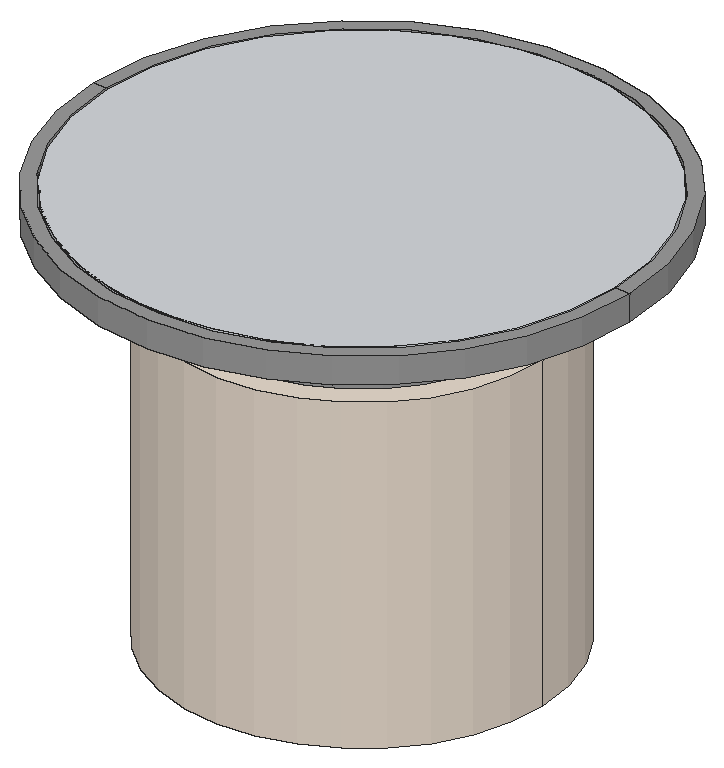
Revit family "Cleanout_Floor_Adjustable-Zurn-CO2450", category Plumbing Fixtures, Revit 2022
Family settings
  Round Connector Dimension = Use Radius
  Part Type = Normal
  OmniClass Number = 23.70.50.21.24.14
  OmniClass Title = Deck Waste Water Drains
  Work Plane-Based = No
  Always vertical = Yes
  Cut with Voids When Loaded = No
  Maintain Annotation Orientation = No
  Shared = No
  Room Calculation Point = No
Parameters (values of type "CO-2450-AB3")
  Waste Connection = 1 = 1  # yes
  WFU = 1  # constant formula
  Vent Connection = 1 = 0  # no
  URL = "www.zurn.com"
  Type Comments = ""
  Top Material [instance] = Bronze - Zurn - Polished Nickel
  Product data url = "https://www.bimobject.com/en-us/zurnindustries/product/zurn-co2450"
  Product Page URL = "https://www.zurn.com/products/drainage-interceptors/cleanouts/cleanouts/co2450"
  Product Documentation Link = "https://www.bimobject.com/en-us/zurnindustries/product/zurn-co2450"
  Pipe Size_A Outer Diameter = 3.500"
  Pipe Size_A Nominal Diameter = 3.000"
  Pipe Size_A Inside Diameter = 3.068"
  Modified Date = "03/13/2025"  # constant formula
  Model = "CO2450"
  Manufacurer Brand = "Zurn"  # constant formula
  Manufacturer = "Zurn Water, LLC"  # constant formula
  Main Material = Acrylonitrile Butadiene Styrene - Zurn - Polished
  HWFU = 0  # constant formula
  HW Connection = 1 = 0  # no
  Frame Adjustment Height [instance] = if([Enter Value-Frame Adjustment Height] < 0.875", 0.875", if([Enter Value-Frame Adjustment Height] > 1.750", 1.750", [Enter Value-Frame Adjustment Height]))  # 0.875"
  Enter Value-Frame Adjustment Height [instance] = 0.000"
  Description = "ADJUSTABLE FLOOR CLEANOUT"  # constant formula
  Default Elevation = 20.000"  # constant formula
  Date Created = "06/27/2025"  # constant formula
  Connector Radius = Pipe Size_A Nominal Diameter / 2  # 1.500"
  CWFU = 0  # constant formula
  CW Connection = 1 = 0  # no
  Body Height_E = 0.000"
  B Dimension = 3.000"
  Assembly Code = "D2030100"
Types (7): name | Pipe Size_A Outer Diameter | Pipe Size_A Nominal Diameter | Pipe Size_A Inside Diameter | Main Material | Connector Radius | B Dimension
  (no name) | 3.500" | 3.000" | 3.068" | Acrylonitrile Butadiene Styrene - Zurn - Polished | 1.500" | 3.000"
  CO-2450-PV2 | 2.375" | 2.000" | 2.067" | Polyvinyl Chloride - Zurn - Polished | 1.000" | 1.750"
  CO-2450-PV3 | 3.500" | 3.000" | 3.068" | Polyvinyl Chloride - Zurn - Polished | 1.500" | 3.000"
  CO-2450-PV4 | 4.500" | 4.000" | 4.026" | Polyvinyl Chloride - Zurn - Polished | 2.000" | 3.438"
  CO-2450-AB2 | 2.375" | 2.000" | 2.067" | Acrylonitrile Butadiene Styrene - Zurn - Polished | 1.000" | 1.750"
  CO-2450-AB3 | 3.500" | 3.000" | 3.068" | Acrylonitrile Butadiene Styrene - Zurn - Polished | 1.500" | 3.000"
  CO-2450-AB4 | 4.500" | 4.000" | 4.026" | Acrylonitrile Butadiene Styrene - Zurn - Polished | 2.000" | 3.438"
Reference planes (in)
  plane 1 "Center (Front/Back)": y = 0
  plane 2: z = 0
  plane 3 "Center (Left/Right)": x = 0
  plane 4: x = 2.59375
  plane 5: z = -0.875
  plane 6 "001": z = -3.875
  plane 7: x = 1.5
  plane 8: x = -1.5
  plane 9: x = -1.75
  plane 10: x = 1.75
  plane 11: x = -2
  plane 12: x = 2
  plane 13: x = 1.534
  plane 14: x = -1.534
  plane 15: z = -0.125
  plane 16: y = -1.5
  plane 17: y = 1.5
Forms (in)
  Revolve 1, solid, material "Bronze - Zurn - Polished Nickel" <- "Top Material", detail levels fine
    sketch origin (0, 0, 0) x (1, 0, 0) y (0, 0, 1)
      loop
        line (2.59375, 0) -> (2.46875, 0) -> (2.46875, -0.125) -> (1.75, -0.125) -> (1.409, -0.33724) -> (1.409, -2) -> (1.534, -2) -> (1.534, -0.37662) -> (1.75, -0.25) -> (2.59375, -0.25) -> (2.59375, 0)
      axis (0, 0) -> (0, -2)
    angle from 0 to 360
  Revolve 2, solid, material "Acrylonitrile Butadiene Styrene - Zurn - Polished" <- "Main Material", detail levels fine
    sketch origin (0, 0, 0) x (1, 0, 0) y (0, 0, 1)
      loop
        line (1.534, -0.875) -> (1.534, -3.875) -> (1.75, -3.875) -> (1.75, -0.875) -> (1.534, -0.875)
      axis (0, -0.875) -> (0, -3.875)
    angle from 0 to 360
  Extrusion 3, solid, detail levels fine
    sketch origin (0, 0, 0) x (1, 0, 0) y (0, 1, 0)
      loop
        circle (0, 0) r 2.45
    from 0 to -0.125
Lines and regions (in)
  Masking region 1, detail levels fine
    outline origin (0, 0, 0) x (1, 0, 0) y (0, 1, 0)
      loop
        circle (0, 0) r 2.59375
  model lines, detail levels coarse+medium
    curve 1: arc (2.59375, 0, 0) -> (0, 2.59375, 0) -> (-2.59375, 0, 0) r 2.59375
    curve 2: arc (-2.59375, 0, 0) -> (0, -2.59375, 0) -> (2.59375, 0, 0) r 2.59375
    curve 3: arc (-2.45, 0, 0) -> (0, -2.45, 0) -> (2.45, 0, 0) r 2.45
    curve 4: arc (2.45, 0, 0) -> (0, 2.45, 0) -> (-2.45, 0, 0) r 2.45
    curve 5: line (0, 0, 0) -> (0, 0, -3.875)
    curve 6: line (0, 1.5, -3.875) -> (0, -1.5, -3.875)
    curve 7: line (-1.5, 0, -3.875) -> (1.5, 0, -3.875)
Dimensions and locks (in)
  plane 3 "Center (Left/Right)" to plane 4 = 2.59375"
  "Frame Adjustment Height": level to plane 5
  "B Dimension": plane 5 to plane 6 "001"
  locked: Revolve 1 sketch curve to Revolve 1 sketch curve at 0.125  (x2)
  locked: level to Revolve 1 sketch curve at 0.25
  locked: level to plane 15 at 0.125
  locked: level to Revolve 1 sketch curve at 2
  equal spacing: plane 16, plane 1 "Center (Front/Back)", plane 17
  "Pipe Size_A Nominal Diameter": plane 16 to plane 17
  equal spacing: plane 8, plane 3 "Center (Left/Right)", plane 7
  "Pipe Size_A Nominal Diameter": plane 8 to plane 7
  equal spacing: plane 10, plane 3 "Center (Left/Right)", plane 9
  "Pipe Size_A Outer Diameter": plane 10 to plane 9
  equal spacing: plane 13, plane 3 "Center (Left/Right)", plane 14
  plane 13 to plane 14 = 3.068"
  "Pipe Size_A Inside Diameter": plane 13 to plane 14
  Revolve 1 sketch curve to Revolve 1 sketch curve = 0.09949"
  radius of Extrusion 3 sketch curve = 2.450"
  aligned and locked: plane 2 to level
  aligned and locked: Revolve 1 sketch curve to plane 13
  aligned and locked: Revolve 2 sketch curve to plane 3 "Center (Left/Right)"
  aligned and locked: plane 3 "Center (Left/Right)" to Extrusion 3 sketch curve
  aligned and locked: plane 1 "Center (Front/Back)" to Extrusion 3 sketch curve
  aligned and locked: level to Extrusion 3
  aligned and locked: Revolve 1 sketch curve to level
  aligned and locked: Revolve 1 sketch curve to plane 4
  aligned and locked: Extrusion 3 to plane 15
  aligned and locked: curve 1 to Revolve 1
  aligned and locked: curve 2 to Revolve 1
  aligned and locked: curve 3 to Extrusion 3
  aligned and locked: curve 4 to Extrusion 3
  aligned and locked: level to curve 5
  aligned and locked: plane 6 "001" to curve 5
  aligned and locked: curve 5 to plane 3 "Center (Left/Right)"
  aligned and locked: plane 17 to curve 6
  aligned and locked: curve 6 to plane 3 "Center (Left/Right)"
  aligned and locked: plane 8 to curve 7
  aligned and locked: plane 7 to curve 7
  aligned and locked: plane 1 "Center (Front/Back)" to curve 7
  aligned and locked: Masking region 1 sketch curve to Revolve 1  (x2)
  aligned and locked: plane 10 to Revolve 1 sketch curve  (x2)
  aligned and locked: plane 10 to Revolve 2 sketch curve
  aligned and locked: plane 5 to Revolve 2 sketch curve
  aligned and locked: Revolve 2 sketch curve to plane 6 "001"
  aligned and locked: Revolve 2 sketch curve to plane 13
  aligned and locked: Revolve 1 sketch curve to plane 3 "Center (Left/Right)"
Automatic sketch dimensions
  plane 16 to curve 6 = 0.000"
  Revolve 2 sketch curve to plane 6 "001" = 0.000"
  Revolve 2 sketch curve to plane 5 = 0.000"
  Revolve 1 sketch curve to plane 15 = 0.000"
  Revolve 1 sketch curve to level = 0.000"
  Revolve 1 sketch curve to plane 15 = 0.21224"
  plane 6 "001" to Revolve 1 sketch curve = 0.65767"
Connectors (in)
  piping at (0, 0, -3.875), diameter 3, driven by "Connector Radius", driven by "Waste Connection"
    settings: on Revolve 2, index 1, connector inside diameter 24", connector length 0.000", flow factor 0, pipe flow 0 GPM, pressure drop 0.00 psi, fitting loss kfactor 0, connector angle 0.00°, fixture units 0, engagement length 0.000", angle of deflection 0.00°, flow configuration 0, flow direction 2, fitting loss method 0, system type 16, joint type 0, gender type 0, connector reference index -1, connector utility 1, adjustable connector no, is connector primary yes, connector description "Sanitary Outlet"
